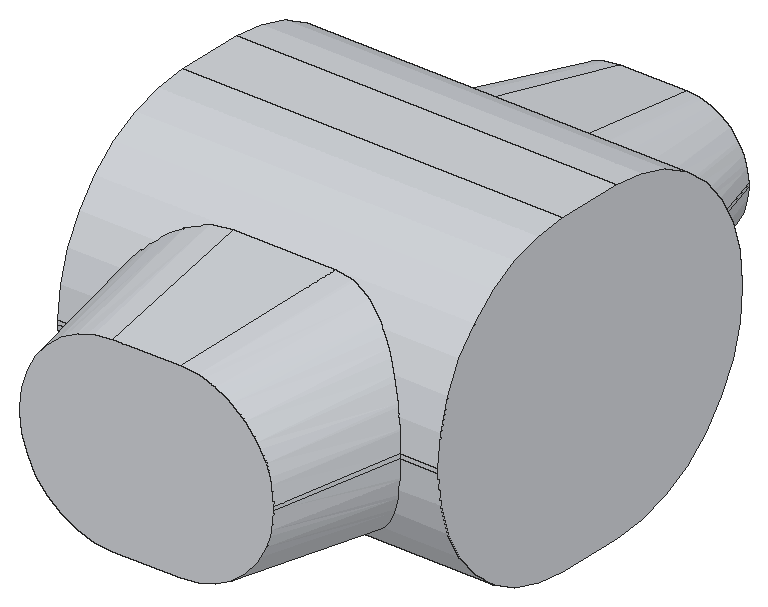
Revit family "M_Cruzamento oval - Cônico", category Conexões de duto, Revit 2019
Family settings
  Cota do conector redondo = Utilizar diâmetro
  Tipo de parte = Cruzeta
  Número OmniClass = 23.75.70.14
  Título OmniClass = Air Ductwork
  ID de item do Seek = Oval Cross - Conical-0000-CAN-ENU
  Com base no plano de trabalho = Não
  Sempre na vertical = Sim
  Corte com vazios quando carregada = Não
  Compartilhado = Não
Parameters (values of type "Padrão")
  Comprimento do anteparo 4 [instance] = 100 mm
  Comprimento do anteparo 3 [instance] = 100 mm
  Comprimento do anteparo 1 [instance] = 50 mm
  Comprimento 4 [instance] = Largura do duto 1 / 2 + Comprimento do anteparo 4  # 250 mm
  Comprimento 3 [instance] = Largura do duto 1 / 2 + Comprimento do anteparo 3  # 250 mm
  Comprimento 1 [instance] = if(Largura do duto 3 > Largura do duto 4, Largura do duto 3 + Comprimento do anteparo 1 * 2, Largura do duto 4 + Comprimento do anteparo 1 * 2)  # 300 mm
  Altura [instance] = if(Altura do duto 3 > Altura do duto 4, Altura do duto 3, Altura do duto 4)  # 150 mm
  Largura base [instance] = Comprimento 1  # 300 mm
  Altura base [instance] = if(Altura < Altura do duto 1, Altura + 50 mm, Altura do duto 1)  # 200 mm
  Largura do duto 4 [instance] = 150 mm
  Largura do duto 3 [instance] = 200 mm
  Largura do duto 1 [instance] = 300 mm
  Altura do duto 4 [instance] = 100 mm
  Altura do duto 3 [instance] = 150 mm
  Altura do duto 1 [instance] = 250 mm
Reference planes
  plane 1 "Centro (Frente/Trás)": y = 0
  plane 2: z = 0
  plane 3 "Centro (Esquerda/Direita)": x = 0
Forms (mm)
  Sweep 1, solid, detail levels medium+fine
    path in 3D
      loop
        line (-150, 0, 0) -> (150, 0, 0)
    profile "M_Duto - Oval : Duto - Oval 1" origin (0, 0, 0) x (0, 1, 0) y (0, 0, 1)
      loop
        line (-150, 1.588) -> (-150, -1.587)
        arc (-150, -1.587) -> (-113.853, -88.853) -> (-26.587, -125) r 123.413
        line (-26.587, -125) -> (26.588, -125)
        arc (26.588, -125) -> (113.853, -88.853) -> (150, -1.587) r 123.413
        line (150, -1.587) -> (150, 1.587)
        arc (150, 1.587) -> (113.853, 88.853) -> (26.588, 125) r 123.413
        line (26.588, 125) -> (-26.588, 125)
        arc (-26.588, 125) -> (-113.853, 88.853) -> (-150, 1.588) r 123.413
  SweptBlend 2, solid, detail levels medium+fine
    path in 3D
      loop
        line (0, 0, 0) -> (0, -250, 0)
    profile "M_Duto - Oval : Duto - Base" origin (0, 0, 0) x (1, 0, 0) y (0, 0, 1)
      loop
        line (-150, 1.588) -> (-150, -1.587)
        arc (-150, -1.587) -> (-121.176, -71.176) -> (-51.587, -100) r 98.413
        line (-51.587, -100) -> (51.588, -100)
        arc (51.588, -100) -> (121.176, -71.176) -> (150, -1.587) r 98.413
        line (150, -1.587) -> (150, 1.587)
        arc (150, 1.587) -> (121.176, 71.176) -> (51.588, 100) r 98.413
        line (51.588, 100) -> (-51.588, 100)
        arc (-51.588, 100) -> (-121.176, 71.176) -> (-150, 1.588) r 98.413
    end profile "M_Duto - Oval : Duto - Oval 3" origin (0, -250, 0) x (1, 0, 0) y (0, 0, 1)
      loop
        line (-100, 1.588) -> (-100, -1.587)
        arc (-100, -1.587) -> (-78.498, -53.498) -> (-26.587, -75) r 73.413
        line (-26.587, -75) -> (26.588, -75)
        arc (26.588, -75) -> (78.498, -53.498) -> (100, -1.587) r 73.413
        line (100, -1.587) -> (100, 1.587)
        arc (100, 1.587) -> (78.498, 53.498) -> (26.588, 75) r 73.413
        line (26.588, 75) -> (-26.588, 75)
        arc (-26.588, 75) -> (-78.498, 53.498) -> (-100, 1.588) r 73.413
  SweptBlend 3, solid, detail levels medium+fine
    path in 3D
      loop
        line (0, 0, 0) -> (0, 250, 0)
    profile "M_Duto - Oval : Duto - Base" origin (0, 0, 0) x (-1, 0, 0) y (0, 0, 1)
      loop
        line (-150, 1.588) -> (-150, -1.587)
        arc (-150, -1.587) -> (-121.176, -71.176) -> (-51.587, -100) r 98.413
        line (-51.587, -100) -> (51.588, -100)
        arc (51.588, -100) -> (121.176, -71.176) -> (150, -1.587) r 98.413
        line (150, -1.587) -> (150, 1.587)
        arc (150, 1.587) -> (121.176, 71.176) -> (51.588, 100) r 98.413
        line (51.588, 100) -> (-51.588, 100)
        arc (-51.588, 100) -> (-121.176, 71.176) -> (-150, 1.588) r 98.413
    end profile "M_Duto - Oval : Duto - Oval 4" origin (0, 250, 0) x (-1, 0, 0) y (0, 0, 1)
      loop
        line (-75, 1.588) -> (-75, -1.587)
        arc (-75, -1.587) -> (-60.82, -35.82) -> (-26.587, -50) r 48.413
        line (-26.587, -50) -> (26.588, -50)
        arc (26.588, -50) -> (60.82, -35.82) -> (75, -1.587) r 48.413
        line (75, -1.587) -> (75, 1.587)
        arc (75, 1.587) -> (60.82, 35.82) -> (26.588, 50) r 48.413
        line (26.588, 50) -> (-26.588, 50)
        arc (-26.588, 50) -> (-60.82, 35.82) -> (-75, 1.588) r 48.413
Cuts and joins
  joined: Sweep 1, SweptBlend 2, SweptBlend 3
Lines and regions (mm)
  model lines, detail levels coarse
    curve 1: line (-150, 0, 0) -> (150, 0, 0)
    curve 2: line (0, 0, 0) -> (0, 250, 0)
    curve 3: line (0, 0, 0) -> (0, -250, 0)
  sketch lines
    curve 4: line (-150, 0, 0) -> (150, 0, 0)
    curve 5: line (0, 0, 0) -> (0, -250, 0)
    curve 6: line (0, 0, 0) -> (0, 250, 0)
Dimensions and locks
  "Comprimento 1": curve 1 to curve 1
  equal spacing: curve 1, plane 3 "Centro (Esquerda/Direita)", curve 1
  "Comprimento 4": curve 2 to curve 2
  "Comprimento 3": curve 3 to curve 3
  aligned and locked: plane 3 "Centro (Esquerda/Direita)" to curve 2
  aligned and locked: plane 1 "Centro (Frente/Trás)" to curve 2
  aligned and locked: curve 3 to plane 3 "Centro (Esquerda/Direita)"
Connectors
  hvac at (-150, 0, 0), driven by "Altura do duto 1", driven by "Largura do duto 1"
    settings: on cut or joined group of Sweep 1, SweptBlend 2, SweptBlend 3, index 1, duct flow 0.0 L/s, flow factor 0, pres drop 0.0 Pa, loss coef 0, conn angle 0.00°, conn width 300 mm, conn height 250 mm, conn diameter 609.6 mm, duct sys type 28, conn prof type 2, flow config 0, flow direction 0, loss method 0, conn ref index 2, conn util no, is conn primary yes, conn desc ""
  hvac at (150, 0, 0), driven by "Altura do duto 1", driven by "Largura do duto 1"
    settings: on cut or joined group of Sweep 1, SweptBlend 2, SweptBlend 3, index 2, duct flow 0.0 L/s, flow factor 0, pres drop 0.0 Pa, loss coef 0, conn angle 0.00°, conn width 300 mm, conn height 250 mm, conn diameter 609.6 mm, duct sys type 28, conn prof type 2, flow config 0, flow direction 0, loss method 0, conn ref index 1, conn util no, is conn primary no, conn desc ""
  hvac at (0, -250, 0), driven by "Altura do duto 3", driven by "Largura do duto 3"
    settings: on cut or joined group of Sweep 1, SweptBlend 2, SweptBlend 3, index 3, duct flow 0.0 L/s, flow factor 0, pres drop 0.0 Pa, loss coef 0, conn angle 0.00°, conn width 200 mm, conn height 150 mm, conn diameter 609.6 mm, duct sys type 28, conn prof type 2, flow config 0, flow direction 0, loss method 0, conn ref index 4, conn util no, is conn primary no, conn desc ""
  hvac at (0, 250, 0), driven by "Altura do duto 4", driven by "Largura do duto 4"
    settings: on cut or joined group of Sweep 1, SweptBlend 2, SweptBlend 3, index 4, duct flow 0.0 L/s, flow factor 0, pres drop 0.0 Pa, loss coef 0, conn angle 0.00°, conn width 150 mm, conn height 100 mm, conn diameter 609.6 mm, duct sys type 28, conn prof type 2, flow config 0, flow direction 0, loss method 0, conn ref index 3, conn util no, is conn primary no, conn desc ""
